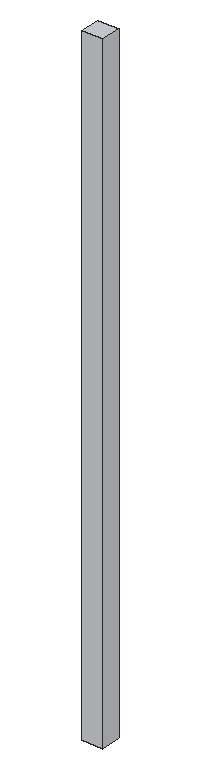
Revit family "欄杆 - 正方形", category 欄杆, Revit 2014
Parameters (values of type "30 mm")
  built-in parameter 1008623 [instance] = (empty or 0)
  關鍵註記 = "05720"
  built-in parameter 1008625 [instance] = (empty or 0)
  支柱材料 = none
  寬度 = 30 mm
  Post = yes
  built-in parameter 1008624 [instance] = (empty or 0)
  built-in parameter 1008622 [instance] = 915 mm
  Assembly Code = ""
Types (2, lengths in mm): name | 寬度
  30 mm | 30
  50 mm | 50
Reference planes
  plane 1 "中心 (前/後)": y = 0
  plane 2: z = 0
  plane 3 "中心 (左/右)": x = 0
  plane 4 "頂部": z = 915
Forms (mm)
  Extrusion 1, solid, material <- "支柱材料"
    sketch origin (0, 0, 0) x (1, 0, 0) y (0, 1, 0)
      loop
        line (-15, 15) -> (-15, -15) -> (15, -15) -> (15, 15) -> (-15, 15)
    from 0 to 915
Dimensions and locks
  "built-in parameter 1008622": plane 2 to plane 4 "頂部"
  equal spacing: Extrusion 1 sketch curve, plane 3 "中心 (左/右)", Extrusion 1 sketch curve
  equal spacing: Extrusion 1 sketch curve, plane 1 "中心 (前/後)", Extrusion 1 sketch curve
  "寬度": Extrusion 1 sketch curve to Extrusion 1 sketch curve  (x2)
  aligned and locked: Extrusion 1 to level
  aligned and locked: Extrusion 1 to plane 4 "頂部"
